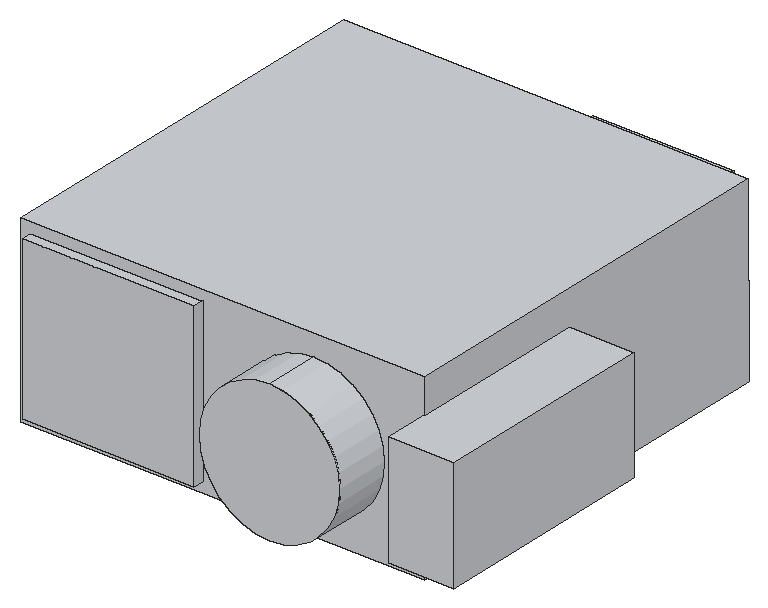
Revit family "ESTS", category Mechanical Equipment, Revit 2018
Family settings
  Round Connector Dimension = Use Radius
  Part Type = Normal
  Work Plane-Based = No
  Always vertical = Yes
  Cut with Voids When Loaded = No
  Shared = No
  Room Calculation Point = No
Parameters (values of type "ESTS 1/2-hp - 14R W/OUT S/ELBOW")
  Type Comments = ""
  Right = yes
  Q5Q = 18"
  Q5B = 20"
  Q5A = 18"
  Left = no
  Inlet S = 5 1/2"
  Inlet Right = yes
  Inlet Offset = 4"
  Induction Offset = 1 1/8"
  Filter = 1"
  ELBOW RIGHT = no
  ELBOW LEFT = no
  Discharge Offset = 3"
  Discharge Height "Y" = 12"
  Discharge Width "X" = 14"
  Width = 40"
  URL = "http://www.anemostat.com"
  Radius = Diameter / 2  # 6 15/16"
  Model = "ESTS"
  Manufacturer = "Anemostat"
  Length = 40"
  Induction Width "C" = 17"
  Height = 18"
  Duct Inlet = Radius + 1/32"  # 6 31/32"
  Diameter = 13 7/8"
  Description = "Series Fan Powered Air Terminal with ECM Motor"
Types (92): name | Right | Q5Q | Q5B | Q5A | Left | Inlet Right | Inlet Offset | ELBOW RIGHT | ELBOW LEFT | Discharge Height "Y" | Discharge Width "X" | Width | Radius | Length | Induction Width "C" | Height | Duct Inlet | Diameter
  ESTS 3/4-hp - 07R with S/ELBOW | yes | 20" | 24" | 20" | no | yes | 3" | yes | no | 16" | 19" | 48" | 3 7/16" | 48" | 21" | 20" | 3 15/32" | 6 7/8"
  ESTS 3/4-hp - 07L with S/ELBOW | no | 20" | 24" | 20" | yes | no | 4" | no | yes | 16" | 19" | 48" | 3 7/16" | 48" | 21" | 20" | 3 15/32" | 6 7/8"
  ESTS 3/4-hp - 07L W/OUT S/ELBOW | no | 20" | 24" | 20" | yes | no | 4" | no | no | 16" | 19" | 48" | 3 7/16" | 48" | 21" | 20" | 3 15/32" | 6 7/8"
  ESTS 3/4-hp - 07R W/OUT S/ELBOW | yes | 20" | 24" | 20" | no | yes | 3" | no | no | 16" | 19" | 48" | 3 7/16" | 48" | 21" | 20" | 3 15/32" | 6 7/8"
  ESTS 1/3-hp - 10L W/OUT S/ELBOW | no | 18" | 18" | 18" | yes | no | 4" | no | no | 11" | 11 1/2" | 32" | 4 15/16" | 36" | 12" | 18" | 4 31/32" | 9 7/8"
  ESTS 1/3-hp - 10L with S/ELBOW | no | 18" | 18" | 18" | yes | no | 4" | no | yes | 11" | 11 1/2" | 32" | 4 15/16" | 36" | 12" | 18" | 4 31/32" | 9 7/8"
  ESTS 1/3-hp - 10R with S/ELBOW | yes | 18" | 18" | 18" | no | yes | 4" | yes | no | 11" | 11 1/2" | 32" | 4 15/16" | 36" | 12" | 18" | 4 31/32" | 9 7/8"
  ESTS 1/3-hp - 10R W/OUT S/ELBOW | yes | 18" | 18" | 18" | no | yes | 4" | no | no | 11" | 11 1/2" | 32" | 4 15/16" | 36" | 12" | 18" | 4 31/32" | 9 7/8"
  ESTS 1/2-hp - 14L W/OUT S/ELBOW | no | 18" | 20" | 18" | yes | no | 4" | no | no | 12" | 14" | 40" | 6 15/16" | 40" | 17" | 18" | 6 31/32" | 13 7/8"
  ESTS 1/2-hp - 14L with S/ELBOW | no | 18" | 20" | 18" | yes | no | 4" | no | yes | 12" | 14" | 40" | 6 15/16" | 40" | 17" | 18" | 6 31/32" | 13 7/8"
  ESTS 1/2-hp - 14R W/OUT S/ELBOW | yes | 18" | 20" | 18" | no | yes | 4" | no | no | 12" | 14" | 40" | 6 15/16" | 40" | 17" | 18" | 6 31/32" | 13 7/8"
  ESTS 1/2-hp - 14R with S/ELBOW | yes | 18" | 20" | 18" | no | yes | 4" | yes | no | 12" | 14" | 40" | 6 15/16" | 40" | 17" | 18" | 6 31/32" | 13 7/8"
  ESTS 1-hp - 16L W/OUT S/ELBOW | no | 20" | 24" | 20" | yes | no | 4" | no | no | 16" | 19" | 48" | 7 15/16" | 48" | 21" | 20" | 7 31/32" | 15 7/8"
  ESTS 1-hp - 16R W/OUT S/ELBOW | yes | 20" | 24" | 20" | no | yes | 4" | no | no | 16" | 19" | 48" | 7 15/16" | 48" | 21" | 20" | 7 31/32" | 15 7/8"
  ESTS 1-hp - 16L with S/ELBOW | no | 20" | 24" | 20" | yes | no | 4" | no | yes | 16" | 19" | 48" | 7 15/16" | 48" | 21" | 20" | 7 31/32" | 15 7/8"
  ESTS 1-hp - 16R with S/ELBOW | yes | 20" | 24" | 20" | no | yes | 4" | yes | no | 16" | 19" | 48" | 7 15/16" | 48" | 21" | 20" | 7 31/32" | 15 7/8"
  ESTS 1/2-hp - 12L W/OUT S/ELBOW | no | 18" | 20" | 18" | yes | no | 4" | no | no | 12" | 14" | 40" | 5 15/16" | 40" | 17" | 18" | 5 31/32" | 11 7/8"
  ESTS 1/2-hp - 12L with S/ELBOW | no | 18" | 20" | 18" | yes | no | 4" | no | yes | 12" | 14" | 40" | 5 15/16" | 40" | 17" | 18" | 5 31/32" | 11 7/8"
  ESTS 1/2-hp - 12R W/OUT S/ELBOW | yes | 18" | 20" | 18" | no | yes | 4" | no | no | 12" | 14" | 40" | 5 15/16" | 40" | 17" | 18" | 5 31/32" | 11 7/8"
  ESTS 1/2-hp - 12R with S/ELBOW | yes | 18" | 20" | 18" | no | yes | 4" | yes | no | 12" | 14" | 40" | 5 15/16" | 40" | 17" | 18" | 5 31/32" | 11 7/8"
  ESTS 1/2-hp - 10L W/OUT S/ELBOW | no | 18" | 20" | 18" | yes | no | 4" | no | no | 12" | 14" | 40" | 4 15/16" | 40" | 17" | 18" | 4 31/32" | 9 7/8"
  ESTS 1/2-hp - 10L with S/ELBOW | no | 18" | 20" | 18" | yes | no | 4" | no | yes | 12" | 14" | 40" | 4 15/16" | 40" | 17" | 18" | 4 31/32" | 9 7/8"
  ESTS 1/2-hp - 10R W/OUT S/ELBOW | yes | 18" | 20" | 18" | no | yes | 4" | no | no | 12" | 14" | 40" | 4 15/16" | 40" | 17" | 18" | 4 31/32" | 9 7/8"
  ESTS 1/2-hp - 10R with S/ELBOW | yes | 18" | 20" | 18" | no | yes | 4" | yes | no | 12" | 14" | 40" | 4 15/16" | 40" | 17" | 18" | 4 31/32" | 9 7/8"
  ESTS 1/2-hp - 09L W/OUT S/ELBOW | no | 18" | 20" | 18" | yes | no | 4" | no | no | 12" | 14" | 40" | 4 7/16" | 40" | 17" | 18" | 4 15/32" | 8 7/8"
  ESTS 1/2-hp - 09L with S/ELBOW | no | 18" | 20" | 18" | yes | no | 4" | no | yes | 12" | 14" | 40" | 4 7/16" | 40" | 17" | 18" | 4 15/32" | 8 7/8"
  ESTS 1/2-hp - 09R W/OUT S/ELBOW | yes | 18" | 20" | 18" | no | yes | 4" | no | no | 12" | 14" | 40" | 4 7/16" | 40" | 17" | 18" | 4 15/32" | 8 7/8"
  ESTS 1/2-hp - 09R with S/ELBOW | yes | 18" | 20" | 18" | no | yes | 4" | yes | no | 12" | 14" | 40" | 4 7/16" | 40" | 17" | 18" | 4 15/32" | 8 7/8"
  ESTS 1/2-hp - 08L W/OUT S/ELBOW | no | 18" | 20" | 18" | yes | no | 4" | no | no | 12" | 14" | 40" | 3 15/16" | 40" | 17" | 18" | 3 31/32" | 7 7/8"
  ESTS 1/2-hp - 08L with S/ELBOW | no | 18" | 20" | 18" | yes | no | 4" | no | yes | 12" | 14" | 40" | 3 15/16" | 40" | 17" | 18" | 3 31/32" | 7 7/8"
  ESTS 1/2-hp - 08R W/OUT S/ELBOW | yes | 18" | 20" | 18" | no | yes | 4" | no | no | 12" | 14" | 40" | 3 15/16" | 40" | 17" | 18" | 3 31/32" | 7 7/8"
  ESTS 1/2-hp - 08R with S/ELBOW | yes | 18" | 20" | 18" | no | yes | 4" | yes | no | 12" | 14" | 40" | 3 15/16" | 40" | 17" | 18" | 3 31/32" | 7 7/8"
  ESTS 1/2-hp - 07L W/OUT S/ELBOW | no | 18" | 20" | 18" | yes | no | 4" | no | no | 12" | 14" | 40" | 3 7/16" | 40" | 17" | 18" | 3 15/32" | 6 7/8"
  ESTS 1/2-hp - 07L with S/ELBOW | no | 18" | 20" | 18" | yes | no | 4" | no | yes | 12" | 14" | 40" | 3 7/16" | 40" | 17" | 18" | 3 15/32" | 6 7/8"
  ESTS 1/2-hp - 07R W/OUT S/ELBOW | yes | 18" | 20" | 18" | no | yes | 4" | no | no | 12" | 14" | 40" | 3 7/16" | 40" | 17" | 18" | 3 15/32" | 6 7/8"
  ESTS 1/2-hp - 07R with S/ELBOW | yes | 18" | 20" | 18" | no | yes | 4" | yes | no | 12" | 14" | 40" | 3 7/16" | 40" | 17" | 18" | 3 15/32" | 6 7/8"
  ESTS 1/2-hp - 06L W/OUT S/ELBOW | no | 18" | 20" | 18" | yes | no | 4" | no | no | 12" | 14" | 40" | 2 15/16" | 40" | 17" | 18" | 2 31/32" | 5 7/8"
  ESTS 1/2-hp - 06L with S/ELBOW | no | 18" | 20" | 18" | yes | no | 4" | no | yes | 12" | 14" | 40" | 2 15/16" | 40" | 17" | 18" | 2 31/32" | 5 7/8"
  ESTS 1/2-hp - 06R W/OUT S/ELBOW | yes | 18" | 20" | 18" | no | yes | 4" | no | no | 12" | 14" | 40" | 2 15/16" | 40" | 17" | 18" | 2 31/32" | 5 7/8"
  ESTS 1/2-hp - 06R with S/ELBOW | yes | 18" | 20" | 18" | no | yes | 4" | yes | no | 12" | 14" | 40" | 2 15/16" | 40" | 17" | 18" | 2 31/32" | 5 7/8"
  ESTS 1/3-hp - 09L W/OUT S/ELBOW | no | 18" | 18" | 18" | yes | no | 4" | no | no | 11" | 11 1/2" | 32" | 4 7/16" | 36" | 12" | 18" | 4 15/32" | 8 7/8"
  ESTS 1/3-hp - 09L with S/ELBOW | no | 18" | 18" | 18" | yes | no | 4" | no | yes | 11" | 11 1/2" | 32" | 4 7/16" | 36" | 12" | 18" | 4 15/32" | 8 7/8"
  ESTS 1/3-hp - 09R W/OUT S/ELBOW | yes | 18" | 18" | 18" | no | yes | 4" | no | no | 11" | 11 1/2" | 32" | 4 7/16" | 36" | 12" | 18" | 4 15/32" | 8 7/8"
  ESTS 1/3-hp - 09R with S/ELBOW | yes | 18" | 18" | 18" | no | yes | 4" | yes | no | 11" | 11 1/2" | 32" | 4 7/16" | 36" | 12" | 18" | 4 15/32" | 8 7/8"
  ESTS 1/3-hp - 08L W/OUT S/ELBOW | no | 18" | 18" | 18" | yes | no | 4" | no | no | 11" | 11 1/2" | 32" | 3 15/16" | 36" | 12" | 18" | 3 31/32" | 7 7/8"
  ESTS 1/3-hp - 08L with S/ELBOW | no | 18" | 18" | 18" | yes | no | 4" | no | yes | 11" | 11 1/2" | 32" | 3 15/16" | 36" | 12" | 18" | 3 31/32" | 7 7/8"
  ESTS 1/3-hp - 08R W/OUT S/ELBOW | yes | 18" | 18" | 18" | no | yes | 4" | no | no | 11" | 11 1/2" | 32" | 3 15/16" | 36" | 12" | 18" | 3 31/32" | 7 7/8"
  ESTS 1/3-hp - 08R with S/ELBOW | yes | 18" | 18" | 18" | no | yes | 4" | yes | no | 11" | 11 1/2" | 32" | 3 15/16" | 36" | 12" | 18" | 3 31/32" | 7 7/8"
  ESTS 1/3-hp - 07L W/OUT S/ELBOW | no | 18" | 18" | 18" | yes | no | 4" | no | no | 11" | 11 1/2" | 32" | 3 7/16" | 36" | 12" | 18" | 3 15/32" | 6 7/8"
  ESTS 1/3-hp - 07L with S/ELBOW | no | 18" | 18" | 18" | yes | no | 4" | no | yes | 11" | 11 1/2" | 32" | 3 7/16" | 36" | 12" | 18" | 3 15/32" | 6 7/8"
  ESTS 1/3-hp - 07R W/OUT S/ELBOW | yes | 18" | 18" | 18" | no | yes | 4" | no | no | 11" | 11 1/2" | 32" | 3 7/16" | 36" | 12" | 18" | 3 15/32" | 6 7/8"
  ESTS 1/3-hp - 07R with S/ELBOW | yes | 18" | 18" | 18" | no | yes | 4" | yes | no | 11" | 11 1/2" | 32" | 3 7/16" | 36" | 12" | 18" | 3 15/32" | 6 7/8"
  ESTS 1/3-hp - 06L W/OUT S/ELBOW | no | 18" | 18" | 18" | yes | no | 4" | no | no | 11" | 11 1/2" | 32" | 2 15/16" | 36" | 12" | 18" | 2 31/32" | 5 7/8"
  ESTS 1/3-hp - 06L with S/ELBOW | no | 18" | 18" | 18" | yes | no | 4" | no | yes | 11" | 11 1/2" | 32" | 2 15/16" | 36" | 12" | 18" | 2 31/32" | 5 7/8"
  ESTS 1/3-hp - 06R W/OUT S/ELBOW | yes | 18" | 18" | 18" | no | yes | 4" | no | no | 11" | 11 1/2" | 32" | 2 15/16" | 36" | 12" | 18" | 2 31/32" | 5 7/8"
  ESTS 1/3-hp - 06R with S/ELBOW | yes | 18" | 18" | 18" | no | yes | 4" | yes | no | 11" | 11 1/2" | 32" | 2 15/16" | 36" | 12" | 18" | 2 31/32" | 5 7/8"
  ESTS 1-hp - 14L W/OUT S/ELBOW | no | 20" | 24" | 20" | yes | no | 4" | no | no | 16" | 19" | 48" | 6 15/16" | 48" | 21" | 20" | 6 31/32" | 13 7/8"
  ESTS 1-hp - 14L with S/ELBOW | no | 20" | 24" | 20" | yes | no | 4" | no | yes | 16" | 19" | 48" | 6 15/16" | 48" | 21" | 20" | 6 31/32" | 13 7/8"
  ESTS 1-hp - 14R W/OUT S/ELBOW | yes | 20" | 24" | 20" | no | yes | 4" | no | no | 16" | 19" | 48" | 6 15/16" | 48" | 21" | 20" | 6 31/32" | 13 7/8"
  ESTS 1-hp - 14R with S/ELBOW | yes | 20" | 24" | 20" | no | yes | 4" | yes | no | 16" | 19" | 48" | 6 15/16" | 48" | 21" | 20" | 6 31/32" | 13 7/8"
  ESTS 1-hp - 12L W/OUT S/ELBOW | no | 20" | 24" | 20" | yes | no | 4" | no | no | 16" | 19" | 48" | 5 15/16" | 48" | 21" | 20" | 5 31/32" | 11 7/8"
  ESTS 1-hp - 12L with S/ELBOW | no | 20" | 24" | 20" | yes | no | 4" | no | yes | 16" | 19" | 48" | 5 15/16" | 48" | 21" | 20" | 5 31/32" | 11 7/8"
  ESTS 1-hp - 12R W/OUT S/ELBOW | yes | 20" | 24" | 20" | no | yes | 4" | no | no | 16" | 19" | 48" | 5 15/16" | 48" | 21" | 20" | 5 31/32" | 11 7/8"
  ESTS 1-hp - 12R with S/ELBOW | yes | 20" | 24" | 20" | no | yes | 4" | yes | no | 16" | 19" | 48" | 5 15/16" | 48" | 21" | 20" | 5 31/32" | 11 7/8"
  ESTS 1-hp - 10L W/OUT S/ELBOW | no | 20" | 24" | 20" | yes | no | 4" | no | no | 16" | 19" | 48" | 4 15/16" | 48" | 21" | 20" | 4 31/32" | 9 7/8"
  ESTS 1-hp - 10L with S/ELBOW | no | 20" | 24" | 20" | yes | no | 4" | no | yes | 16" | 19" | 48" | 4 15/16" | 48" | 21" | 20" | 4 31/32" | 9 7/8"
  ESTS 1-hp - 10R W/OUT S/ELBOW | yes | 20" | 24" | 20" | no | yes | 4" | no | no | 16" | 19" | 48" | 4 15/16" | 48" | 21" | 20" | 4 31/32" | 9 7/8"
  ESTS 1-hp - 10R with S/ELBOW | yes | 20" | 24" | 20" | no | yes | 4" | yes | no | 16" | 19" | 48" | 4 15/16" | 48" | 21" | 20" | 4 31/32" | 9 7/8"
  ESTS 1-hp - 09L W/OUT S/ELBOW | no | 20" | 24" | 20" | yes | no | 4" | no | no | 16" | 19" | 48" | 4 7/16" | 48" | 21" | 20" | 4 15/32" | 8 7/8"
  ESTS 1-hp - 09L with S/ELBOW | no | 20" | 24" | 20" | yes | no | 4" | no | yes | 16" | 19" | 48" | 4 7/16" | 48" | 21" | 20" | 4 15/32" | 8 7/8"
  ESTS 1-hp - 09R W/OUT S/ELBOW | yes | 20" | 24" | 20" | no | yes | 4" | no | no | 16" | 19" | 48" | 4 7/16" | 48" | 21" | 20" | 4 15/32" | 8 7/8"
  ESTS 1-hp - 09R with S/ELBOW | yes | 20" | 24" | 20" | no | yes | 4" | yes | no | 16" | 19" | 48" | 4 7/16" | 48" | 21" | 20" | 4 15/32" | 8 7/8"
  ESTS 3/4-hp - 08L W/OUT S/ELBOW | no | 20" | 24" | 20" | yes | no | 4" | no | no | 16" | 19" | 48" | 3 15/16" | 48" | 21" | 20" | 3 31/32" | 7 7/8"
  ESTS 3/4-hp - 08L with S/ELBOW | no | 20" | 24" | 20" | yes | no | 4" | no | yes | 16" | 19" | 48" | 3 15/16" | 48" | 21" | 20" | 3 31/32" | 7 7/8"
  ESTS 3/4-hp - 08R W/OUT S/ELBOW | yes | 20" | 24" | 20" | no | yes | 3" | no | no | 16" | 19" | 48" | 3 15/16" | 48" | 21" | 20" | 3 31/32" | 7 7/8"
  ESTS 3/4-hp - 08R with S/ELBOW | yes | 20" | 24" | 20" | no | yes | 3" | yes | no | 16" | 19" | 48" | 3 15/16" | 48" | 21" | 20" | 3 31/32" | 7 7/8"
  ESTS 3/4-hp - 09L W/OUT S/ELBOW | no | 20" | 24" | 20" | yes | no | 4" | no | no | 16" | 19" | 48" | 4 7/16" | 48" | 21" | 20" | 4 15/32" | 8 7/8"
  ESTS 3/4-hp - 09L with S/ELBOW | no | 20" | 24" | 20" | yes | no | 4" | no | yes | 16" | 19" | 48" | 4 7/16" | 48" | 21" | 20" | 4 15/32" | 8 7/8"
  ESTS 3/4-hp - 09R W/OUT S/ELBOW | yes | 20" | 24" | 20" | no | yes | 3" | no | no | 16" | 19" | 48" | 4 7/16" | 48" | 21" | 20" | 4 15/32" | 8 7/8"
  ESTS 3/4-hp - 09R with S/ELBOW | yes | 20" | 24" | 20" | no | yes | 3" | yes | no | 16" | 19" | 48" | 4 7/16" | 48" | 21" | 20" | 4 15/32" | 8 7/8"
  ESTS 3/4-hp - 10L W/OUT S/ELBOW | no | 20" | 24" | 20" | yes | no | 4" | no | no | 16" | 19" | 48" | 4 15/16" | 48" | 21" | 20" | 4 31/32" | 9 7/8"
  ESTS 3/4-hp - 10L with S/ELBOW | no | 20" | 24" | 20" | yes | no | 4" | no | yes | 16" | 19" | 48" | 4 15/16" | 48" | 21" | 20" | 4 31/32" | 9 7/8"
  ESTS 3/4-hp - 10R W/OUT S/ELBOW | yes | 20" | 24" | 20" | no | yes | 3" | no | no | 16" | 19" | 48" | 4 15/16" | 48" | 21" | 20" | 4 31/32" | 9 7/8"
  ESTS 3/4-hp - 10R with S/ELBOW | yes | 20" | 24" | 20" | no | yes | 3" | yes | no | 16" | 19" | 48" | 4 15/16" | 48" | 21" | 20" | 4 31/32" | 9 7/8"
  ESTS 3/4-hp - 12L W/OUT S/ELBOW | no | 20" | 24" | 20" | yes | no | 4" | no | no | 16" | 19" | 48" | 5 15/16" | 48" | 21" | 20" | 5 31/32" | 11 7/8"
  ESTS 3/4-hp - 12L with S/ELBOW | no | 20" | 24" | 20" | yes | no | 4" | no | yes | 16" | 19" | 48" | 5 15/16" | 48" | 21" | 20" | 5 31/32" | 11 7/8"
  ESTS 3/4-hp - 12R W/OUT S/ELBOW | yes | 20" | 24" | 20" | no | yes | 3" | no | no | 16" | 19" | 48" | 5 15/16" | 48" | 21" | 20" | 5 31/32" | 11 7/8"
  ESTS 3/4-hp - 12R with S/ELBOW | yes | 20" | 24" | 20" | no | yes | 3" | yes | no | 16" | 19" | 48" | 5 15/16" | 48" | 21" | 20" | 5 31/32" | 11 7/8"
  ESTS 3/4-hp - 14L W/OUT S/ELBOW | no | 20" | 24" | 20" | yes | no | 4" | no | no | 16" | 19" | 48" | 6 15/16" | 48" | 21" | 20" | 6 31/32" | 13 7/8"
  ESTS 3/4-hp - 14L with S/ELBOW | no | 20" | 24" | 20" | yes | no | 4" | no | yes | 16" | 19" | 48" | 6 15/16" | 48" | 21" | 20" | 6 31/32" | 13 7/8"
  ESTS 3/4-hp - 14R W/OUT S/ELBOW | yes | 20" | 24" | 20" | no | yes | 3" | no | no | 16" | 19" | 48" | 6 15/16" | 48" | 21" | 20" | 6 31/32" | 13 7/8"
  ESTS 3/4-hp - 14R with S/ELBOW | yes | 20" | 24" | 20" | no | yes | 3" | yes | no | 16" | 19" | 48" | 6 15/16" | 48" | 21" | 20" | 6 31/32" | 13 7/8"
Reference planes (in)
  plane 1 "Center (Front/Back)": y = 0
  plane 2: z = 0
  plane 3 "Center (Left/Right)": x = 0
  plane 4 "Right Face": x = 20
  plane 5 "Left Face": x = -20
  plane 6 "Back of Box": y = 40
  plane 7 "Bottom Induction": z = 1
  plane 8 "Horiz. Centerline": z = 9
  plane 9 "Top Induction": z = 17
  plane 10 "Top of Box": z = 18
  plane 11 "Induction Right Edge": x = 18.875
  plane 12 "Inlet Left Edge": x = -16
  plane 13 "Inletplane": y = -5.5
  plane 14: x = 1.875
  plane 15: x = -9.0625
  plane 16 "Discharge Right Edge": x = -17
  plane 17 "Discharge Top Edge": z = 16.75
  plane 18: z = 4.75
  plane 19: x = -3
  plane 20 "Bottom Enclosure": z = 3.5
  plane 21 "Front Enclosure": y = -4.5
  plane 22 "Top Enclosure": z = 14.625
  plane 23 "Rear Enclosure": y = 17.75
  plane 24: x = 16
  plane 25: x = 9.0625
  plane 26: x = -19
  plane 27: x = -2
  plane 28 "Filter": y = -1
  plane 29: x = 17
  plane 30: x = 3
  plane 31 "Sound Elbow": y = -18
  plane 32: x = 0
  plane 33: z = 2.0625
Forms (in)
  Extrusion 1, solid
    sketch origin (0, 0, 0) x (1, 0, 0) y (0, 0, 1)
      loop
        line (-20, 18) -> (-20, 0) -> (20, 0) -> (20, 18) -> (-20, 18)
    from 0 to -40
  Extrusion 2, solid, visible <- "Left"
    sketch origin (37.25, 0, 8.89403) x (1, 0, 0) y (0, 0, 1)
      loop
        line (-18.375, -7.89403) -> (-18.375, 8.10597) -> (-35.375, 8.10597) -> (-35.375, -7.89403) -> (-18.375, -7.89403)
    from 0 to 1
  Extrusion 3, solid, visible <- "Left"
    sketch origin (-19.14941, 0, 0) x (1, 0, 0) y (0, 0, 1)
      loop
        circle (10.08691, 9) r 6.9375
    from 0 to 5.5 <- "Inlet S"
  Extrusion 4, solid, visible <- "Left"
    sketch origin (1.75, 40, -18.75) x (-1, 0, 0) y (0, 0, 1)
      loop
        line (18.75, 23.5) -> (18.75, 35.5) -> (4.75, 35.5) -> (4.75, 23.5) -> (18.75, 23.5)
    from 0 to 2
  Extrusion 5, solid, visible <- "Left"
    sketch origin (-20, 0, 0) x (0, -1, 0) y (0, 0, 1)
      loop
        line (4.5, 3.5) -> (4.5, 14.625) -> (-17.75, 14.625) -> (-17.75, 3.5) -> (4.5, 3.5)
    from 0 to 6.5
  Extrusion 6, solid, visible <- "Right"
    sketch origin (13.5, 40, 15.25) x (1, 0, 0) y (0, 0, -1)
      loop
        line (3.5, 10.5) -> (-10.5, 10.5) -> (-10.5, -1.5) -> (3.5, -1.5) -> (3.5, 10.5)
    from 0 to 2
  Extrusion 7, solid, visible <- "Right"
    sketch origin (23.5, 0.5, 16.88646) x (0, -1, 0) y (0, 0, -1)
      loop
        line (5, 13.38646) -> (-17.25, 13.38646) -> (-17.25, 2.26146) -> (5, 2.26146) -> (5, 13.38646)
    from -3.5 to 3
  Extrusion 8, solid, visible <- "Right"
    sketch origin (0, -1, 0) x (-1, 0, 0) y (0, 0, 1)
      loop
        line (19, 17) -> (2, 17) -> (2, 1) -> (19, 1) -> (19, 17)
    from 0 to 1 <- "Filter"
  Extrusion 9, solid, visible <- "ELBOW LEFT"
    sketch origin (0, -18, 0) x (-1, 0, 0) y (0, 0, 1)
      loop
        line (0, 18) -> (-20, 18) -> (-20, 0) -> (0, 0) -> (0, 18)
    from 0 to 18 <- "Q5Q"
  Extrusion 10, solid, visible <- "Inlet Right"
    sketch origin (0, -5.5, 0) x (0, 0, 1) y (1, 0, 0)
      loop
        circle (9, 9.0625) r 6.9375
    from 0 to 5.5 <- "Inlet S"
  Extrusion 11, solid, visible <- "ELBOW RIGHT"
    sketch origin (0, -18, 0) x (-1, 0, 0) y (0, 0, 1)
      loop
        line (20, 18) -> (0, 18) -> (0, 0) -> (20, 0) -> (20, 18)
    from 0 to 18 <- "Q5Q"
Dimensions and locks (in)
  "Width": plane 5 "Left Face" to plane 4 "Right Face"
  "Height": plane 10 "Top of Box" to level
  equal spacing: plane 10 "Top of Box", plane 8 "Horiz. Centerline", level
  equal spacing: plane 5 "Left Face", plane 3 "Center (Left/Right)", plane 4 "Right Face"
  locked: plane 10 "Top of Box" to plane 9 "Top Induction" at 1
  locked: plane 7 "Bottom Induction" to level at 1
  locked: plane 4 "Right Face" to plane 11 "Induction Right Edge" at 1.125
  locked: plane 5 "Left Face" to plane 12 "Inlet Left Edge" at 4
  "Length": plane 1 "Center (Front/Back)" to plane 6 "Back of Box"
  "Induction Width "C"": plane 11 "Induction Right Edge" to plane 14
  "Radius": plane 15 to plane 12 "Inlet Left Edge"
  locked: plane 5 "Left Face" to plane 16 "Discharge Right Edge" at 3
  locked: plane 17 "Discharge Top Edge" to plane 10 "Top of Box" at 1.25
  "Discharge Height "Y"": plane 18 to plane 17 "Discharge Top Edge"
  "Discharge Width "X"": plane 16 "Discharge Right Edge" to plane 19
  locked: plane 20 "Bottom Enclosure" to level at 3.5
  locked: plane 1 "Center (Front/Back)" to plane 21 "Front Enclosure" at 4.5
  locked: plane 22 "Top Enclosure" to plane 20 "Bottom Enclosure" at 11.125
  locked: plane 23 "Rear Enclosure" to plane 21 "Front Enclosure" at 22.25
  locked: Extrusion 7 to Extrusion 7 at 6.5
  locked: Extrusion 2 to Extrusion 2 at 1
  plane 12 "Inlet Left Edge" to plane 5 "Left Face" = 4"
  "Radius": plane 24 to plane 25
  plane 7 "Bottom Induction" to plane 9 "Top Induction" = 16"
  locked: plane 5 "Left Face" to plane 26 at 1
  "Induction Width "C"": plane 26 to plane 27
  "Filter": plane 28 "Filter" to plane 1 "Center (Front/Back)"
  "Radius": Extrusion 3 sketch curve to plane 12 "Inlet Left Edge"
  "Discharge Offset": plane 29 to plane 4 "Right Face"
  "Discharge Width "X"": plane 30 to plane 29
  "Q5Q": plane 31 "Sound Elbow" to plane 1 "Center (Front/Back)"
  "Q5B": plane 4 "Right Face" to plane 32
  "Radius": plane 8 "Horiz. Centerline" to plane 33
  "Radius": plane 24 to Extrusion 10 sketch curve
  "Inlet Offset": plane 4 "Right Face" to plane 24
  "Radius": radius of Extrusion 3 sketch curve
  "Radius": radius of Extrusion 10 sketch curve
  aligned and locked: plane 6 "Back of Box" to Extrusion 1
  aligned and locked: plane 21 "Front Enclosure" to Extrusion 5 sketch curve
  aligned and locked: plane 20 "Bottom Enclosure" to Extrusion 5 sketch curve
  aligned and locked: plane 22 "Top Enclosure" to Extrusion 5 sketch curve
  aligned and locked: plane 23 "Rear Enclosure" to Extrusion 5 sketch curve
  aligned and locked: plane 22 "Top Enclosure" to Extrusion 7
  aligned and locked: Extrusion 7 to plane 20 "Bottom Enclosure"
  aligned and locked: Extrusion 7 to plane 4 "Right Face"
  aligned and locked: Extrusion 7 to plane 23 "Rear Enclosure"
  aligned and locked: plane 21 "Front Enclosure" to Extrusion 7
  aligned and locked: Extrusion 2 to plane 7 "Bottom Induction"
  aligned and locked: plane 9 "Top Induction" to Extrusion 2
  aligned and locked: plane 17 "Discharge Top Edge" to Extrusion 4
  aligned and locked: Extrusion 4 to plane 18
  aligned and locked: Extrusion 6 to plane 18
  aligned and locked: plane 17 "Discharge Top Edge" to Extrusion 6
  aligned and locked: plane 8 "Horiz. Centerline" to Extrusion 3
  aligned and locked: plane 11 "Induction Right Edge" to Extrusion 2
  aligned and locked: Extrusion 2 to plane 14
  aligned and locked: Extrusion 8 sketch curve to plane 9 "Top Induction"
  aligned and locked: Extrusion 8 sketch curve to plane 26
  aligned and locked: plane 7 "Bottom Induction" to Extrusion 8 sketch curve
  aligned and locked: plane 27 to Extrusion 8 sketch curve
  aligned and locked: plane 16 "Discharge Right Edge" to Extrusion 4
  aligned and locked: Extrusion 4 to plane 19
  aligned and locked: Extrusion 6 to plane 30
  aligned and locked: plane 29 to Extrusion 6
  aligned and locked: Extrusion 9 sketch curve to plane 32
  aligned and locked: Extrusion 9 sketch curve to plane 10 "Top of Box"
  aligned and locked: level to Extrusion 9 sketch curve
  aligned and locked: plane 4 "Right Face" to Extrusion 9 sketch curve
  aligned and locked: Extrusion 11 sketch curve to plane 5 "Left Face"
  aligned and locked: Extrusion 11 sketch curve to plane 10 "Top of Box"
  aligned and locked: level to Extrusion 11 sketch curve
  aligned and locked: Extrusion 11 sketch curve to plane 32
Automatic sketch dimensions
  Extrusion 1 sketch curve to level = 0"
  plane 5 "Left Face" to Extrusion 1 sketch curve = 0"
  Extrusion 1 sketch curve to plane 4 "Right Face" = 0"
  Extrusion 1 sketch curve to plane 10 "Top of Box" = 0"
  Extrusion 2 sketch curve to plane 7 "Bottom Induction" = 0"
  plane 14 to Extrusion 2 sketch curve = 0"
  Extrusion 2 sketch curve to plane 9 "Top Induction" = 0"
  plane 11 "Induction Right Edge" to Extrusion 2 sketch curve = 0"
  Extrusion 4 sketch curve to plane 18 = 0"
  Extrusion 4 sketch curve to plane 19 = 0"
  Extrusion 4 sketch curve to plane 16 "Discharge Right Edge" = 0"
  Extrusion 4 sketch curve to plane 17 "Discharge Top Edge" = 0"
  Extrusion 6 sketch curve to plane 18 = 0"
  Extrusion 6 sketch curve to plane 17 "Discharge Top Edge" = 0"
  Extrusion 6 sketch curve to plane 14 = 1 1/8"
  plane 11 "Induction Right Edge" to Extrusion 6 sketch curve = 1 7/8"
  plane 20 "Bottom Enclosure" to Extrusion 7 sketch curve = 0"
  Extrusion 7 sketch curve to plane 23 "Rear Enclosure" = 0"
  Extrusion 7 sketch curve to plane 21 "Front Enclosure" = 0"
  plane 22 "Top Enclosure" to Extrusion 7 sketch curve = 0"
  Extrusion 3 sketch curve to plane 8 "Horiz. Centerline" = 0"
  Extrusion 10 sketch curve to plane 8 "Horiz. Centerline" = 0"
Connectors (in)
  hvac at (-9.0625, -5.5, 9), driven by "Radius"
    settings: on Extrusion 3, index 1, duct flow 0 CFM, flow factor 0, pres drop 0.00 in-wg, loss coef 0, conn angle 0.00°, conn width 12", conn height 12", conn diameter 13 7/8", duct sys type 1, conn prof type 0, flow config 0, flow direction 1, loss method 0, conn ref index -1, conn util no, is conn primary yes, conn desc ""
  hvac at (-10, 42, 10.75), driven by "Discharge Width "X"", driven by "Discharge Height "Y""
    settings: on Extrusion 4, index 2, duct flow 0 CFM, flow factor 0, pres drop 0.00 in-wg, loss coef 0, conn angle 0.00°, conn width 14", conn height 12", conn diameter 24", duct sys type 1, conn prof type 1, flow config 0, flow direction 2, loss method 0, conn ref index -1, conn util no, is conn primary no, conn desc ""
  hvac at (10, 42, 10.75), driven by "Discharge Height "Y"", driven by "Discharge Width "X""
    settings: on Extrusion 6, index 4, duct flow 0 CFM, flow factor 0, pres drop 0.00 in-wg, loss coef 0, conn angle 0.00°, conn width 14", conn height 12", conn diameter 24", duct sys type 3, conn prof type 1, flow config 0, flow direction 0, loss method 0, conn ref index -1, conn util no, is conn primary no, conn desc ""
  hvac at (9.0625, -5.5, 9), driven by "Radius"
    settings: on Extrusion 10, index 5, duct flow 0 CFM, flow factor 0, pres drop 0.00 in-wg, loss coef 0, conn angle 0.00°, conn width 12", conn height 12", conn diameter 13 7/8", duct sys type 3, conn prof type 0, flow config 0, flow direction 0, loss method 0, conn ref index -1, conn util no, is conn primary no, conn desc ""
  electrical at (26.5, 6.625, 9.0625)
    settings: on Extrusion 7, index 6, voltage 0 V, apparent load 0 VA, apparent load phase1 0 VA, apparent load phase2 0 VA, apparent load phase3 0 VA, power factor 1, load classification "Other", number of poles 1, system type 31, power factor state 1, is connector primary yes, connector utility no, sub classification motor no, connector description ""
  electrical at (-26.5, 6.625, 9.0625)
    settings: on Extrusion 5, index 7, voltage 0 V, apparent load 0 VA, apparent load phase1 0 VA, apparent load phase2 0 VA, apparent load phase3 0 VA, power factor 1, load classification "Other", number of poles 1, system type 31, power factor state 1, is connector primary no, connector utility no, sub classification motor no, connector description ""
